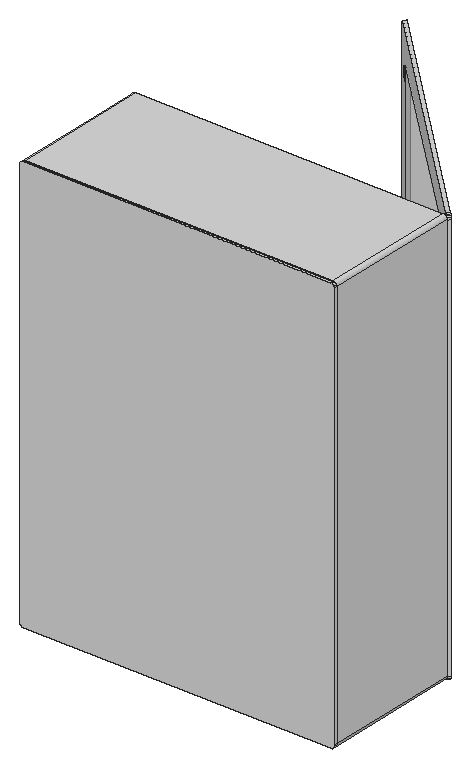
Revit family "Building-SurfaceMountingEnclosures-GEWISS-46QM-DISTRIBUTION-BOARD-METAL_TRANSPARENT_DOOR", category Attrezzatura elettrica, host Muro, Revit 2016
Family settings
  Host = Muro
  Configurazione quadro = Due colonne, circuiti in orizzontale
  Tipo di parte = Pannello comandi
  Quota connettore circolare = Usa diametro
  Numero OmniClass = 23.80.30.11.17
  Titolo OmniClass = Distribution Boards and Control Panels
  Sempre verticale = Sì
  Taglio con vuoti quando caricato = No
  Condiviso = No
  Punto di calcolo locali = Sì
Parameters (values of type "GW46237 - WT. METAL BOARD  800X1060X350 WIND. DOOR")
  Vista di pianta [instance] = yes
  Version file RFA = "18.0"
  URL = "https://www.gewiss.com/ww/en"
  Type of material = "Metal"
  Type of door = "Door with tempered glass window"
  Technical sheet = "https://www.gewiss.com/ww/en/search?q=GW46237"
  Struttura quadro = GEWISS - LAMIERA
  Standard. = "EN 61439-1, EN 61439-2, EN62208, EN 60670-1, IEC 60670-24"
  Standard = "EN 61439-1, EN 61439-2, EN62208, EN 60670-1, IEC 60670-24"
  Sportello visibile [instance] = yes
  Spessore quadro = 350 mm
  Simbolo [instance] = yes
  Shock resistance = "IK08"
  SEO = "Board"
  Realized by GEWISS S.p.A. = ""
  Rated impulse withstand voltage = "690V"
  Produttore = "GEWISS S.p.A."
  Potenza quadro = 0 V
  Porta = GEWISS - Pannello oblo metallo : 2 FORI
  Pannello trasparente = GEWISS COPERCHIO TRASPARENTE
  Pannello = GEWISS - LAMIERA
  Operating temperature = "-25 +60 °C"
  Offset etichetta nome quadro [instance] = 685.076 mm
  Nominal dim. LxHxD (mm) = "800x1060x350"
  No. of modules EN 50022: = "180 (36x5)"
  No. of modules EN 50022 = "180 (36x5)"
  No. locks = "2"
  Modello = "GW46237"
  Maximum rated insulation voltage (Ue) = "690V"
  Material = "Sheet metal from 10/10 to 15/10, painted with epoxy-polyester powders"
  Maniglia visibile [instance] = yes
  Maniglia = GEWISS - NERO
  Larghezza quadro = 800 mm
  Insulation class = "Pre-arranged with earth terminal"
  Immagine tipo = GW46232.jpg
  IP degree = "IP55"
  IFC.TypeObject = ""
  IFC.ExportType = ""
  IFC.ExportAs = ""
  IDT = "82cfba8f-4f92-4297-867a-ee6e02d53461"
  IDF = "9e673eeb-053e-4d6e-b00e-63be82e94e1c"
  H_quadro = 1060 mm
  H_da terra = 500 mm
  GW - NOME QUADRO [instance] = "NOME QUADRO"
  GEWISS SCHEDA TECNICA = "http://pro.gewiss.com/irj/portal/?NavigationTarget=pcd:portal_content/com.gewiss.ZPPFDMain/com.gewiss.ZPPFDITMain/com.gewiss.ZPPFDITMainDefault/com.gewiss.ZPPFDITPages/com.gewiss.ZPPFDITPagesAP/com.gewiss.ZPPFDITPagesAPCatalogo/com.gewiss.ZPPPDITAPProductDetail&codProd=GW46237"
  Functional dim. LxHxD (mm) = "800x1060x350"
  Fast & Easy = "Yes"
  Family = "46 QM"
  Etichetta nome quadro [instance] = yes
  Electrocod = "0320"
  EAN code = "8011564096936"
  Distanza_fori = 100 mm
  Distanza orizzontale del simbolo [instance] = 887.355 mm
  Distanza dal muro [instance] = 4.208 mm
  Dispersible power B (W) = "284"
  Dispersible power A (W) = "400"
  Descrizione = "WT. METAL BOARD  800X1060X350 WIND. DOOR"
  Cornice simbolo [instance] = yes
  Colour = "Grey RAL 7035"
  Classificazione carico = Other
  Catalogue Range = "46 QM"
  Catalogue = "BUILDING"
  Carico Apparente = 0 VA
  COBie.Tagnumber = ""
  COBie.CreatedOn = ""
  COBie.CreatebBy = ""
  COBie.ComponentRegisterItemID = ""
  COBie.Component.TagNumber = ""
  COBie.Component.Space = ""
  COBie.Component.SerialNumber = ""
  COBie.Component.InstallationDate = ""
  COBie.Component.Description = ""
  COBie.Component.BarCode = ""
  Bidimensionale = 2D - QUADRI STAGNI METALLO OBLO : 2 fori
  Application = "For indoor use"
  Apertura quadro [instance] = 45.00°
  Angolo di apertura reale [instance] = if(Apertura quadro < 0.00°, 0.00°, if(Apertura quadro > 180.00°, 180.00°, Apertura quadro))  # 45.00°
Types (6, lengths in mm): name | Technical sheet | Spessore quadro | Nominal dim. LxHxD (mm) | No. of modules EN 50022: | No. of modules EN 50022 | Modello | Larghezza quadro | IDT | H_quadro | GEWISS SCHEDA TECNICA | Functional dim. LxHxD (mm) | EAN code | Dispersible power B (W) | Dispersible power A (W) | Descrizione
  GW46232 - WT. METAL BOARD  310X425X160 WIND. DOOR | "https://www.gewiss.com/ww/en/search?q=GW46232" | 160 | "310x425x160" | "36 (12x3)" | "36 (12x3)" | "GW46232" | 313 | "f901a313-ab34-42a9-9e9c-859e89f5595d" | 424 | "http://pro.gewiss.com/irj/portal/?NavigationTarget=pcd:portal_content/com.gewiss.ZPPFDMain/com.gewiss.ZPPFDITMain/com.gewiss.ZPPFDITMainDefault/com.gewiss.ZPPFDITPages/com.gewiss.ZPPFDITPagesAP/com.gewiss.ZPPFDITPagesAPCatalogo/com.gewiss.ZPPPDITAPProductDetail&codProd=GW46232" | "310x425x160" | "8011564096882" | "58" | "70" | "WT. METAL BOARD  310X425X160 WIND. DOOR"
  GW46233 - WT. METAL BOARD  405X500X200 WIND. DOOR | "https://www.gewiss.com/ww/en/search?q=GW46233" | 200 | "405x500x200" | "54 (18x3)" | "54 (18x3)" | "GW46233" | 405 | "bc634fe8-07d9-43b4-bb6f-cd6e7658acd8" | 500 | "http://pro.gewiss.com/irj/portal/?NavigationTarget=pcd:portal_content/com.gewiss.ZPPFDMain/com.gewiss.ZPPFDITMain/com.gewiss.ZPPFDITMainDefault/com.gewiss.ZPPFDITPages/com.gewiss.ZPPFDITPagesAP/com.gewiss.ZPPFDITPagesAPCatalogo/com.gewiss.ZPPPDITAPProductDetail&codProd=GW46233" | "405x500x200" | "8011564096899" | "80" | "106" | "WT. METAL BOARD  405X500X200 WIND. DOOR"
  GW46234 - WT. METAL BOARD  405X650X200 WIND. DOOR | "https://www.gewiss.com/ww/en/search?q=GW46234" | 200 | "405x650x200" | "72 (18x4)" | "72 (18x4)" | "GW46234" | 405 | "637650c1-3469-492a-8063-965a9a9c19cd" | 650 | "http://pro.gewiss.com/irj/portal/?NavigationTarget=pcd:portal_content/com.gewiss.ZPPFDMain/com.gewiss.ZPPFDITMain/com.gewiss.ZPPFDITMainDefault/com.gewiss.ZPPFDITPages/com.gewiss.ZPPFDITPagesAP/com.gewiss.ZPPFDITPagesAPCatalogo/com.gewiss.ZPPPDITAPProductDetail&codProd=GW46234" | "405x650x200" | "8011564096905" | "97" | "135" | "WT. METAL BOARD  405X650X200 WIND. DOOR"
  GW46235 - WT. METAL BOARD  515X650X250 WIND. DOOR | "https://www.gewiss.com/ww/en/search?q=GW46235" | 250 | "515x650x250" | "96 (24x4)" | "96 (24x4)" | "GW46235" | 515 | "a0f4b47d-0c70-408a-9c1b-c9ac804185b3" | 650 | "http://pro.gewiss.com/irj/portal/?NavigationTarget=pcd:portal_content/com.gewiss.ZPPFDMain/com.gewiss.ZPPFDITMain/com.gewiss.ZPPFDITMainDefault/com.gewiss.ZPPFDITPages/com.gewiss.ZPPFDITPagesAP/com.gewiss.ZPPFDITPagesAPCatalogo/com.gewiss.ZPPPDITAPProductDetail&codProd=GW46235" | "515x650x250" | "8011564096912" | "115" | "180" | "WT. METAL BOARD  515X650X250 WIND. DOOR"
  GW46236 - WT. METAL BOARD  585X800X300 WIND. DOOR | "https://www.gewiss.com/ww/en/search?q=GW46236" | 300 | "585x800x300" | "140 (28x5)" | "140 (28x5)" | "GW46236" | 585 | "0ced46e3-2309-44bf-b4a9-33ea1b3132df" | 800 | "http://pro.gewiss.com/irj/portal/?NavigationTarget=pcd:portal_content/com.gewiss.ZPPFDMain/com.gewiss.ZPPFDITMain/com.gewiss.ZPPFDITMainDefault/com.gewiss.ZPPFDITPages/com.gewiss.ZPPFDITPagesAP/com.gewiss.ZPPFDITPagesAPCatalogo/com.gewiss.ZPPPDITAPProductDetail&codProd=GW46236" | "585x800x300" | "8011564096929" | "159" | "240" | "WT. METAL BOARD  585X800X300 WIND. DOOR"
  GW46237 - WT. METAL BOARD  800X1060X350 WIND. DOOR | "https://www.gewiss.com/ww/en/search?q=GW46237" | 350 | "800x1060x350" | "180 (36x5)" | "180 (36x5)" | "GW46237" | 800 | "82cfba8f-4f92-4297-867a-ee6e02d53461" | 1060 | "http://pro.gewiss.com/irj/portal/?NavigationTarget=pcd:portal_content/com.gewiss.ZPPFDMain/com.gewiss.ZPPFDITMain/com.gewiss.ZPPFDITMainDefault/com.gewiss.ZPPFDITPages/com.gewiss.ZPPFDITPagesAP/com.gewiss.ZPPFDITPagesAPCatalogo/com.gewiss.ZPPPDITAPProductDetail&codProd=GW46237" | "800x1060x350" | "8011564096936" | "284" | "400" | "WT. METAL BOARD  800X1060X350 WIND. DOOR"
Reference planes
  plane 1 "Muro": y = 0
  plane 2 "Centro (Sinistra/Destra)": x = 125
  plane 3 "Indietro": y = 75
  plane 4 "SX": x = -275
  plane 5 "DX": x = 525
  plane 6: y = 431
  plane 7 "Base quadro": z = 500
  plane 8: z = 1560
  plane 9: y = 81
  plane 10: z = 1030
  plane 11: x = -1162.355
  plane 12: y = 760.076
Forms (mm)
  Extrusion 1, solid, material "GEWISS - LAMIERA" <- "Struttura quadro"
    sketch origin (0, 0, 0) x (1, 0, 0) y (0, 0, 1)
      loop
        line (515.613, 1560) -> (-265.613, 1560)
        arc (-265.613, 1560) -> (-272.251, 1557.251) -> (-275, 1550.613) r 9.387
        line (-275, 1550.613) -> (-275, 509.387)
        arc (-275, 509.387) -> (-272.251, 502.749) -> (-265.613, 500) r 9.387
        line (-265.613, 500) -> (515.613, 500)
        arc (515.613, 500) -> (522.251, 502.749) -> (525, 509.387) r 9.387
        line (525, 509.387) -> (525, 1550.613)
        arc (525, 1550.613) -> (522.251, 1557.251) -> (515.613, 1560) r 9.387
      loop
        line (499.613, 1540) -> (-249.613, 1540)
        arc (-249.613, 1540) -> (-253.422, 1538.422) -> (-255, 1534.613) r 5.387
        line (-255, 1534.613) -> (-255, 525.387)
        arc (-255, 525.387) -> (-253.422, 521.578) -> (-249.613, 520) r 5.387
        line (-249.613, 520) -> (499.613, 520)
        arc (499.613, 520) -> (503.422, 521.578) -> (505, 525.387) r 5.387
        line (505, 525.387) -> (505, 1534.613)
        arc (505, 1534.613) -> (503.422, 1538.422) -> (499.613, 1540) r 5.387
    from -431 to -81
  Extrusion 2, solid, material "GEWISS - LAMIERA" <- "Pannello"
    sketch origin (0, 0, 0) x (1, 0, 0) y (0, 0, 1)
      loop
        arc (-265.613, 1560) -> (-272.251, 1557.251) -> (-275, 1550.613) r 9.387
        line (-275, 1550.613) -> (-275, 509.387)
        arc (-275, 509.387) -> (-272.251, 502.749) -> (-265.613, 500) r 9.387
        line (-265.613, 500) -> (515.613, 500)
        arc (515.613, 500) -> (522.251, 502.749) -> (525, 509.387) r 9.387
        line (525, 509.387) -> (525, 1550.613)
        arc (525, 1550.613) -> (522.251, 1557.251) -> (515.613, 1560) r 9.387
        line (515.613, 1560) -> (-265.613, 1560)
    from -81 to -75
Lines and regions (mm)
  Masking region 1, visible <- "Vista di pianta"
    outline origin (-33, 241, 0) x (0.984808, 0.173648, 0) y (-0.173648, 0.984808, 0)
      loop
        line (520.697, -260.374) -> (582.516, 90.218) -> (-205.33, 229.136) -> (-267.149, -121.455) -> (520.697, -260.374)
  Masking region 2
    outline origin (125, 0, 0) x (0, 1, 0) y (0, 0, 1)
      loop
        line (75, 500) -> (431, 500) -> (431, 1560) -> (75, 1560) -> (75, 500)
  Masking region 3, visible <- "Vista di pianta"
    outline origin (-33, 241, 0) x (0.984808, 0.173648, 0) y (-0.173648, 0.984808, 0)
      loop
        line (123.655, 745.539) -> (582.516, 90.218) -> (589.069, 94.806) -> (130.208, 750.128) -> (123.655, 745.539)
  reference lines
    curve 1: line (525, 431, 0) -> (242.157, 713.843, 0)
Text (mm)
  text "Lato posizionamento" at (-2540.362, 1733.729, 0), in view "Livello rif."
  text "Lato posizionamento" at (0, 1409.804, 2854.306), in view "Sinistra"
  text "Lato posizionamento" at (0, 499.811, 2980.732), in view "Destra"
Dimensions and locks
  locked: plane 3 "Indietro" to host wall
  "H_da terra": level to plane 7 "Base quadro"
  "H_quadro": plane 7 "Base quadro" to plane 8
  locked: plane 9 to host wall at 6
  "Spessore quadro": plane 6 to plane 9
  equal spacing: plane 7 "Base quadro", plane 10, plane 8
  "Larghezza quadro": plane 4 "SX" to plane 5 "DX"
  "Distanza orizzontale del simbolo": plane 11 to plane 4 "SX"
  "Offset etichetta nome quadro": plane 12 to plane 3 "Indietro"
  equal spacing: plane 4 "SX", plane 2 "Centro (Sinistra/Destra)", plane 5 "DX"
  locked: Extrusion 1 sketch curve to Extrusion 1 sketch curve at 20  (x4)
  "Apertura quadro": angle curve 1 to plane 6
  aligned and locked: plane 1 "Muro" to host wall
  aligned and locked: plane 8 to Extrusion 1 sketch curve
  aligned and locked: plane 5 "DX" to Extrusion 1 sketch curve
  aligned and locked: Extrusion 1 sketch curve to plane 7 "Base quadro"
  aligned and locked: Extrusion 1 sketch curve to plane 4 "SX"
  aligned and locked: plane 6 to Extrusion 1
  aligned and locked: Extrusion 1 to plane 9
  aligned and locked: plane 9 to Extrusion 2
  aligned and locked: Extrusion 2 to host wall
  aligned and locked: nested 2 to plane 12
  aligned and locked: plane 11 to nested 3
  aligned and locked: Masking region 1 sketch curve to plane 6
  aligned and locked: Masking region 1 sketch curve to plane 3 "Indietro"
  aligned and locked: Masking region 1 sketch curve to plane 5 "DX"
  aligned and locked: plane 4 "SX" to Masking region 1 sketch curve
  aligned and locked: Masking region 2 sketch curve to Extrusion 2
  aligned and locked: Masking region 2 sketch curve to Extrusion 1  (x2)
  aligned and locked: nested 4 to plane 10
  aligned and locked: plane 5 "DX" to nested 4
  aligned and locked: plane 7 "Base quadro" to nested 1
  aligned and locked: plane 6 to Masking region 1  (x2)
  aligned and locked: Extrusion 2 sketch curve to Extrusion 1  (x4)
  aligned and locked: plane 2 "Centro (Sinistra/Destra)" to nested 2
  aligned and locked: plane 5 "DX" to curve 1
  aligned and locked: nested 1 to curve 1
  aligned and locked: Masking region 3 sketch curve to nested 1  (x4)
Automatic sketch dimensions
  Extrusion 1 sketch curve to Extrusion 1 sketch curve = 16 mm  (x4)
  Extrusion 1 sketch curve to Extrusion 1 sketch curve = 5.387 mm  (x3)
  Extrusion 1 sketch curve to Extrusion 1 sketch curve = 10.613 mm
  Extrusion 2 sketch curve to Extrusion 2 sketch curve = 9.387 mm  (x2)
  Extrusion 2 sketch curve to plane 5 "DX" = 9.387 mm  (x2)
  Masking region 2 sketch curve to plane 7 "Base quadro" = 0 mm
  curve 1 to plane 6 = 0 mm
Nested families
  nested 1: "GEWISS - Pannello oblo metallo" at (242.157, 713.843, 104) x (0.7071, -0.7071, 0) z (0, 0, 1), visible <- "Sportello visibile", H_pannello <- "H_quadro", Larghezza pannello <- "Larghezza quadro", type <- "Porta", type "2 FORI"
    with Larghezza pannello 800 mm, H_pannello 1060 mm
  nested 2: "NOME QUADRO" at (125, 760.076, 0), TXT <- "GW - NOME QUADRO", visible <- "Etichetta nome quadro", type "NOME QUADRO"
    with TXT "NOME QUADRO"
  nested 3: "QUADRILAN" at (-1162.355, 75, 0), Distanza dal muro <- "Distanza dal muro", BORDO ACCESO <- "Cornice simbolo", SIMBOLO ACCESO <- "Simbolo", type "QUADRILAN"
    with SIMBOLO ACCESO yes, Distanza dal muro 4.208 mm, BORDO ACCESO yes
  nested 4: "2D - QUADRI STAGNI METALLO OBLO" at (125, 0, 1030) x (-1, 0, 0) z (0, -1, 0), Altezza <- "H_quadro", Larghezza <- "Larghezza quadro", type <- "Bidimensionale", type "2 fori"
    with Larghezza 800 mm, Altezza 1060 mm
Connectors
  electrical at (125, 256, 1560), driven by "Carico Apparente", driven by "Classificazione carico", driven by "Potenza quadro"
    settings: on Extrusion 1, index 1, voltage 0 V, apparent load 0 VA, apparent load phase1 0 VA, apparent load phase2 0 VA, apparent load phase3 0 VA, power factor 1, load classification "Other", number of poles 1, system type 31, power factor state 1, is connector primary yes, connector utility no, sub classification motor no, connector description ""
Definition of nested family "GEWISS - Pannello oblo metallo"
  Parameters (values of type "1 FORO")
    Default Elevation = 1219.2 mm
    Pannello trasparente = none
    Pannello = none
    Maniglia = none
    Larghezza pannello [instance] = 316 mm
    H_pannello [instance] = 396 mm
    H_da terra = 396 mm
    2 FORI = no
    1 FORO = yes
  Types (2, lengths in mm): name | 2 FORI | 1 FORO
    1 FORO | no | yes
    2 FORI | yes | no
  Reference planes
    plane 1 "Centro (Fronte/Retro)": y = 0
    plane 2: z = 0
    plane 3 "Centro (Sinistra/Destra)": x = 0
    plane 4: x = -158
    plane 5: x = 158
    plane 6: y = 8
    plane 7: z = 792
    plane 8: z = 396
    plane 9: z = 594
    plane 10: x = -115.8
    plane 11: z = 691.5
    plane 12: z = 508.2
    plane 13: x = 87
    plane 14: x = -87
    plane 15: z = 721
    plane 16: z = 467
  Forms (mm)
    Extrusion 1, solid, material <- "Pannello", visible <- "1 FORO"
      sketch origin (0, 0, 0) x (1, 0, 0) y (0, 0, 1)
        loop
          line (-148.613, 792) -> (-152.972, 790.92) -> (-155.581, 788.905) -> (-157.569, 785.491) -> (-158, 781.674) -> (-158, 406.326) -> (-157.277, 401.774) -> (-155.331, 398.831) -> (-152.312, 396.76) -> (-148.613, 396) -> (148.613, 396) -> (152.205, 396.714) -> (155.251, 398.749) -> (157.335, 401.918) -> (158, 406.326) -> (158, 781.674) -> (157.678, 785.136) -> (155.581, 788.905) -> (152.77, 791.023) -> (148.613, 792) -> (-148.613, 792)
        loop
          line (-87, 721) -> (-87, 467) -> (87, 467) -> (87, 721) -> (-87, 721)
        loop
          circle (-115.8, 594) r 14.644
      from -8 to 0
    Extrusion 2, solid, material <- "Maniglia", visible <- "1 FORO"
      sketch origin (0, 0, 0) x (1, 0, 0) y (0, 0, 1)
        loop
          circle (-115.8, 594) r 14.644
      from -8 to 0
    Extrusion 3, solid, material <- "Pannello", visible <- "2 FORI"
      sketch origin (0, 0, 0) x (1, 0, 0) y (0, 0, 1)
        loop
          line (-148.613, 792) -> (-152.972, 790.92) -> (-155.581, 788.905) -> (-157.569, 785.491) -> (-158, 781.674) -> (-158, 406.326) -> (-157.277, 401.774) -> (-155.331, 398.831) -> (-152.312, 396.76) -> (-148.613, 396) -> (148.613, 396) -> (152.205, 396.714) -> (155.251, 398.749) -> (157.335, 401.918) -> (158, 406.326) -> (158, 781.674) -> (157.678, 785.136) -> (155.581, 788.905) -> (152.77, 791.023) -> (148.613, 792) -> (-148.613, 792)
        loop
          line (-87, 467) -> (87, 467) -> (87, 721) -> (-87, 721) -> (-87, 467)
        loop
          circle (-115.8, 691.5) r 14.644
        loop
          circle (-115.8, 508.2) r 14.644
      from -8 to 0
    Extrusion 4, solid, material <- "Maniglia", visible <- "2 FORI"
      sketch origin (0, 0, 0) x (1, 0, 0) y (0, 0, 1)
        loop
          circle (-115.8, 691.5) r 14.644
        loop
          circle (-115.8, 508.2) r 14.644
      from -8 to 0
    Extrusion 5, solid, material <- "Pannello trasparente", visible <- "2 FORI"
      sketch origin (0, 0, 0) x (1, 0, 0) y (0, 0, 1)
        loop
          line (-87, 721) -> (-87, 467) -> (87, 467) -> (87, 721) -> (-87, 721)
      from -8 to 0
    Extrusion 6, solid, material <- "Pannello trasparente", visible <- "1 FORO"
      sketch origin (0, 0, 0) x (1, 0, 0) y (0, 0, 1)
        loop
          line (-87, 721) -> (-87, 467) -> (87, 467) -> (87, 721) -> (-87, 721)
      from -8 to 0
  Dimensions and locks
    locked: plane 1 "Centro (Fronte/Retro)" to plane 6 at 8
    "H_pannello": plane 7 to plane 8
    "H_da terra": plane 8 to plane 2
    "Larghezza pannello": plane 4 to plane 5
    equal spacing: plane 5, plane 3 "Centro (Sinistra/Destra)", plane 4
    equal spacing: plane 7, plane 9, plane 8
    locked: plane 7 to plane 11 at 100.5
    locked: plane 12 to plane 8 at 112.2
    locked: plane 10 to plane 4 at 42.2
    locked: plane 16 to plane 8 at 71
    locked: plane 7 to plane 15 at 71
    locked: plane 14 to plane 4 at 71
    locked: plane 5 to plane 13 at 71
    aligned and locked: level to plane 2
    aligned and locked: plane 6 to Extrusion 1
    aligned and locked: plane 1 "Centro (Fronte/Retro)" to Extrusion 1
    aligned and locked: plane 6 to Extrusion 2
    aligned and locked: plane 1 "Centro (Fronte/Retro)" to Extrusion 2
    aligned and locked: plane 6 to Extrusion 6
    aligned and locked: plane 1 "Centro (Fronte/Retro)" to Extrusion 6
    aligned and locked: plane 6 to Extrusion 5
    aligned and locked: plane 1 "Centro (Fronte/Retro)" to Extrusion 5
    aligned and locked: Extrusion 6 sketch curve to Extrusion 3  (x4)
    aligned and locked: Extrusion 5 sketch curve to Extrusion 3  (x4)
    aligned and locked: Extrusion 1 sketch curve to Extrusion 3  (x4)
    aligned and locked: plane 13 to Extrusion 6  (x8)
    aligned and locked: plane 13 to Extrusion 5
    aligned and locked: Extrusion 3 to plane 13
    aligned and locked: Extrusion 1 to plane 13
    aligned and locked: plane 14 to Extrusion 6
    aligned and locked: plane 15 to Extrusion 6
    aligned and locked: plane 16 to Extrusion 6
  Automatic sketch dimensions
    Extrusion 4 sketch curve to plane 10 = 0 mm  (x2)
    Extrusion 4 sketch curve to plane 12 = 0 mm
    Extrusion 4 sketch curve to plane 11 = 0 mm
    Extrusion 3 sketch curve to plane 4 = 0 mm
    Extrusion 3 sketch curve to plane 8 = 0 mm
    Extrusion 3 sketch curve to plane 7 = 0 mm
    Extrusion 3 sketch curve to plane 5 = 0 mm
    plane 4 to Extrusion 3 sketch curve = 0.431 mm
    plane 4 to Extrusion 3 sketch curve = 0.723 mm
    plane 4 to Extrusion 3 sketch curve = 2.419 mm
    plane 4 to Extrusion 3 sketch curve = 2.669 mm
    Extrusion 3 sketch curve to plane 7 = 1.08 mm
    Extrusion 3 sketch curve to Extrusion 3 sketch curve = 2.609 mm
    plane 8 to Extrusion 3 sketch curve = 0.76 mm
    Extrusion 3 sketch curve to Extrusion 3 sketch curve = 3.019 mm
    Extrusion 3 sketch curve to Extrusion 3 sketch curve = 3.699 mm
    Extrusion 3 sketch curve to Extrusion 3 sketch curve = 4.359 mm
    Extrusion 3 sketch curve to plane 5 = 9.387 mm  (x2)
    plane 8 to Extrusion 3 sketch curve = 0.714 mm
    Extrusion 3 sketch curve to Extrusion 3 sketch curve = 3.592 mm
    Extrusion 3 sketch curve to plane 7 = 0.977 mm
    Extrusion 3 sketch curve to Extrusion 3 sketch curve = 4.157 mm
    Extrusion 3 sketch curve to plane 5 = 2.749 mm
    Extrusion 3 sketch curve to plane 5 = 2.419 mm
    Extrusion 3 sketch curve to plane 5 = 0.665 mm
    Extrusion 3 sketch curve to plane 5 = 0.322 mm
    plane 8 to Extrusion 3 sketch curve = 2.749 mm
    plane 8 to Extrusion 3 sketch curve = 2.831 mm
    Extrusion 3 sketch curve to Extrusion 3 sketch curve = 2.944 mm
    Extrusion 3 sketch curve to Extrusion 3 sketch curve = 3.168 mm
    Extrusion 3 sketch curve to Extrusion 3 sketch curve = 4.408 mm
    Extrusion 3 sketch curve to Extrusion 3 sketch curve = 4.552 mm
    Extrusion 3 sketch curve to plane 7 = 10.326 mm  (x2)
    Extrusion 3 sketch curve to Extrusion 3 sketch curve = 3.462 mm
    Extrusion 3 sketch curve to Extrusion 3 sketch curve = 3.817 mm
    Extrusion 3 sketch curve to plane 7 = 3.095 mm  (x2)
    Extrusion 2 sketch curve to plane 9 = 0 mm
    Extrusion 2 sketch curve to plane 10 = 0 mm
    plane 10 to Extrusion 3 sketch curve = 28.8 mm
    Extrusion 3 sketch curve to Extrusion 3 sketch curve = 61.613 mm
    plane 12 to Extrusion 3 sketch curve = 41.2 mm
    plane 11 to Extrusion 3 sketch curve = 29.5 mm
    Extrusion 1 sketch curve to plane 4 = 0 mm
    Extrusion 1 sketch curve to plane 7 = 0 mm
    Extrusion 1 sketch curve to plane 8 = 0 mm
    Extrusion 1 sketch curve to plane 5 = 0 mm
    plane 4 to Extrusion 1 sketch curve = 0.431 mm
    plane 4 to Extrusion 1 sketch curve = 0.723 mm
    plane 4 to Extrusion 1 sketch curve = 2.419 mm
    plane 4 to Extrusion 1 sketch curve = 2.669 mm
    Extrusion 1 sketch curve to plane 7 = 1.08 mm
    Extrusion 1 sketch curve to Extrusion 1 sketch curve = 2.609 mm
    plane 8 to Extrusion 1 sketch curve = 0.76 mm
    Extrusion 1 sketch curve to Extrusion 1 sketch curve = 3.019 mm
    Extrusion 1 sketch curve to Extrusion 1 sketch curve = 4.359 mm
    Extrusion 1 sketch curve to Extrusion 1 sketch curve = 3.699 mm
    Extrusion 1 sketch curve to plane 5 = 9.387 mm  (x2)
    plane 8 to Extrusion 1 sketch curve = 0.714 mm
    Extrusion 1 sketch curve to Extrusion 1 sketch curve = 3.592 mm
    Extrusion 1 sketch curve to plane 7 = 0.977 mm
    Extrusion 1 sketch curve to Extrusion 1 sketch curve = 4.157 mm
    Extrusion 1 sketch curve to plane 5 = 2.749 mm
    Extrusion 1 sketch curve to plane 5 = 2.419 mm
    Extrusion 1 sketch curve to plane 5 = 0.665 mm
    Extrusion 1 sketch curve to plane 5 = 0.322 mm
    plane 8 to Extrusion 1 sketch curve = 2.749 mm
    plane 8 to Extrusion 1 sketch curve = 2.831 mm
    Extrusion 1 sketch curve to Extrusion 1 sketch curve = 2.944 mm
    Extrusion 1 sketch curve to Extrusion 1 sketch curve = 3.168 mm
    Extrusion 1 sketch curve to Extrusion 1 sketch curve = 4.552 mm
    Extrusion 1 sketch curve to Extrusion 1 sketch curve = 4.408 mm
    Extrusion 1 sketch curve to plane 7 = 10.326 mm  (x2)
    Extrusion 1 sketch curve to Extrusion 1 sketch curve = 3.462 mm
    Extrusion 1 sketch curve to Extrusion 1 sketch curve = 3.817 mm
    Extrusion 1 sketch curve to plane 7 = 3.095 mm  (x2)
    Extrusion 3 sketch curve to plane 11 = 0 mm
    Extrusion 3 sketch curve to plane 10 = 0 mm  (x2)
    Extrusion 3 sketch curve to Extrusion 3 sketch curve = 14.644 mm  (x2)
    Extrusion 3 sketch curve to Extrusion 3 sketch curve = 0 mm  (x2)
    Extrusion 3 sketch curve to plane 12 = 0 mm
    Extrusion 1 sketch curve to Extrusion 1 sketch curve = 0 mm  (x2)
    Extrusion 1 sketch curve to plane 9 = 0 mm
    Extrusion 1 sketch curve to plane 10 = 0 mm
    Extrusion 1 sketch curve to Extrusion 1 sketch curve = 14.644 mm
    radius of Extrusion 4 sketch curve = 14.644 mm  (x2)
    radius of Extrusion 2 sketch curve = 14.644 mm
Definition of nested family "NOME QUADRO"
  Parameters (values of type "NOME QUADRO")
    TXT [instance] = ""
  Reference planes
    plane 1: y = 0
    plane 2: x = 0
  Text (mm)
    label "NOME QUADRO" at (0.217, 0.029, 0), shows "TXT"
Definition of nested family "QUADRILAN"
  Parameters (values of type "QUADRILAN")
    SIMBOLO ACCESO [instance] = yes
    Distanza dal muro [instance] = 4.208 mm
    BORDO ACCESO [instance] = yes
  Reference planes
    plane 1: y = 0
    plane 2: x = 0
  Dimensions and locks
    "Distanza dal muro": plane 1 to nested 1
    aligned and locked: plane 2 to nested 1
  Nested families
    nested 1: "QUADRILAN_BASE" at (0, 4.208, 0), BORDO ACCESO <- "BORDO ACCESO", visible <- "SIMBOLO ACCESO", type "QUADRILAN"
      with BORDO ACCESO yes
  Definition of nested family "QUADRILAN_BASE"
    Parameters (values of type "QUADRILAN")
      Distanza dal muro = 4.208 mm
      BORDO ACCESO [instance] = yes
    Reference planes
      plane 1: y = 0
      plane 2: x = 0
    Lines and regions (mm)
      detail lines, visible <- "BORDO ACCESO"
        curve 1: line (-2, 2.5, 0) -> (2, 2.5, 0)
        curve 2: line (2, 2.5, 0) -> (2, 0, 0)
        curve 3: line (2, 0, 0) -> (-2, 0, 0)
        curve 4: line (-2, 0, 0) -> (-2, 2.5, 0)
        curve 5: line (-1.9, 2.4, 0) -> (1.9, 2.4, 0)
        curve 6: line (1.9, 2.4, 0) -> (1.9, 0.1, 0)
        curve 7: line (1.9, 0.1, 0) -> (-1.9, 0.1, 0)
        curve 8: line (-1.9, 0.1, 0) -> (-1.9, 2.4, 0)
      detail lines, visible <- "BORDO ACCESO", not visible
        curve 9: line (-2.443, 10.208, 0) -> (2.057, 10.208, 0)
        curve 10: line (2.057, 10.208, 0) -> (2.057, 4.208, 0)
        curve 11: line (2.057, 4.208, 0) -> (-2.443, 4.208, 0)
        curve 12: line (-2.443, 4.208, 0) -> (-2.443, 10.208, 0)
        curve 13: line (-2.043, 9.808, 0) -> (1.657, 9.808, 0)
        curve 14: line (1.657, 9.808, 0) -> (1.657, 4.608, 0)
        curve 15: line (1.657, 4.608, 0) -> (-2.043, 4.608, 0)
        curve 16: line (-2.043, 4.608, 0) -> (-2.043, 9.808, 0)
      detail lines
        curve 17: line (1.731, 0.358, 0) -> (-1.731, 2.088, 0)
        curve 18: line (-1.731, 2.088, 0) -> (-0.201, 2.088, 0)
        curve 19: line (-0.201, 2.088, 0) -> (1.731, 2.088, 0)
        curve 20: line (1.731, 2.088, 0) -> (1.731, 0.358, 0)
        curve 21: line (1.731, 0.358, 0) -> (-1.731, 0.358, 0)
        curve 22: line (-1.731, 0.358, 0) -> (-1.731, 2.088, 0)
    Dimensions and locks
      aligned and locked: curve 3 to plane 1
Definition of nested family "2D - QUADRI STAGNI METALLO OBLO"
  Parameters (values of type "2 fori")
    Larghezza [instance] = 396 mm
    Altezza [instance] = 474 mm
    2 fori = yes
  Reference planes
    plane 1 "Centro (Fronte/Retro)": y = 0
    plane 2: z = 0
    plane 3 "Centro (Sinistra/Destra)": x = 0
    plane 4: x = -198
    plane 5: x = 198
    plane 6: y = 237
    plane 7: y = -237
    plane 8: x = -127
    plane 9: x = 127
    plane 10: y = 166
    plane 11: y = -166
  Lines and regions (mm)
    model lines, in view "Livello rif.", visible <- "2 fori", detail levels medium+fine
      curve 1: circle (155.757, -136.483, 0) r 14.644 normal (0, 0, 1)
      curve 2: circle (155.757, -136.483, 0) r 11.828 normal (0, 0, 1)
      curve 3: circle (155.757, -136.483, 0) r 7.04 normal (0, 0, 1)
      curve 4: circle (155.757, 124.834, 0) r 11.828 normal (0, 0, 1)
      curve 5: circle (155.757, 124.834, 0) r 14.644 normal (0, 0, 1)
      curve 6: circle (155.757, 124.834, 0) r 7.04 normal (0, 0, 1)
    model lines, in view "Livello rif."
      curve 7: line (-188.613, -237, 0) -> (-192.172, -236.299, 0)
      curve 8: line (-192.172, -236.299, 0) -> (-195.251, -234.251, 0)
      curve 9: line (-195.251, -234.251, 0) -> (-197.445, -230.793, 0)
      curve 10: line (-197.445, -230.793, 0) -> (-198, -227.613, 0)
      curve 11: line (-198, -227.613, 0) -> (-198, 226.674, 0)
      curve 13: line (198, 226.674, 0) -> (198, -227.613, 0)
      curve 14: line (198, -227.613, 0) -> (197.281, -231.215, 0)
      curve 15: line (197.281, -231.215, 0) -> (195.251, -234.251, 0)
      curve 16: line (195.251, -234.251, 0) -> (192.25, -236.267, 0)
      curve 17: line (192.25, -236.267, 0) -> (188.613, -237, 0)
      curve 18: line (188.613, -237, 0) -> (-188.613, -237, 0)
      curve 20: line (-198, 226.674, 0) -> (-198, 227.613, 0)
      curve 21: line (-198, 227.613, 0) -> (-197.339, 231.072, 0)
      curve 22: line (-197.339, 231.072, 0) -> (-195.362, 234.137, 0)
      curve 23: line (-195.362, 234.137, 0) -> (-192.869, 235.98, 0)
      curve 24: line (-192.869, 235.98, 0) -> (-188.613, 237, 0)
      curve 25: line (-188.613, 237, 0) -> (188.613, 237, 0)
      curve 26: line (188.613, 237, 0) -> (192.796, 236.016, 0)
      curve 27: line (192.796, 236.016, 0) -> (195.251, 234.251, 0)
      curve 28: line (195.251, 234.251, 0) -> (197.047, 231.734, 0)
      curve 29: line (197.047, 231.734, 0) -> (198, 227.613, 0)
      curve 30: line (198, 227.613, 0) -> (198, 226.674, 0)
    model lines, in view "Livello rif.", detail levels medium+fine
      curve 12: line (-198, 226.674, 0) -> (198, 226.674, 0)
      curve 19: line (198, -226.674, 0) -> (-198, -226.674, 0)
    detail lines, in view "Livello rif."
      curve 31: line (-110.671, 97.219, 0) -> (-42.545, 142.455, 0)
      curve 32: line (-74.172, 96.503, 0) -> (-46.885, 114.621, 0)
      curve 33: line (-66.299, 80.043, 0) -> (-21.486, 109.799, 0)
      curve 37: line (110.302, -108.902, 0) -> (42.176, -154.137, 0)
      curve 38: line (73.802, -108.186, 0) -> (46.516, -126.304, 0)
      curve 39: line (65.93, -91.725, 0) -> (21.116, -121.481, 0)
      curve 40: line (-127, -166, 0) -> (127, -166, 0)
      curve 41: line (-127, 166, 0) -> (-127, -166, 0)
      curve 42: line (127, 166, 0) -> (-127, 166, 0)
      curve 43: line (127, -166, 0) -> (127, 166, 0)
    detail lines, in view "Livello rif.", not visible
      curve 34: line (-174.471, 149.002, 0) -> (-106.345, 194.238, 0)
      curve 35: line (-137.971, 148.286, 0) -> (-110.685, 166.404, 0)
      curve 36: line (-130.099, 131.826, 0) -> (-85.285, 161.582, 0)
  Dimensions and locks
    equal spacing: plane 6, plane 1 "Centro (Fronte/Retro)", plane 7
    "Altezza": plane 6 to plane 7
    equal spacing: plane 4, plane 3 "Centro (Sinistra/Destra)", plane 5
    "Larghezza": plane 4 to plane 5
    locked: curve 6 to plane 5 at 42.243
    locked: plane 6 to curve 5 at 112.166
    locked: curve 1 to plane 7 at 100.517
    curve 2 to plane 5 = 42.243 mm
    locked: plane 6 to plane 10 at 71
    locked: plane 11 to plane 7 at 71
    locked: plane 4 to plane 8 at 71
    locked: plane 9 to plane 5 at 71
    locked: curve 39 to plane 11 at 44.519
    locked: curve 39 to plane 9 at 61.07
    locked: plane 10 to curve 31 at 23.545
    locked: plane 8 to curve 31 at 16.329
    aligned and locked: curve 25 to plane 6
    aligned and locked: plane 7 to curve 18
    aligned and locked: curve 13 to plane 5
    aligned and locked: plane 4 to curve 11
    aligned and locked: curve 40 to plane 11
    aligned and locked: curve 41 to plane 8
    aligned and locked: plane 10 to curve 42
    aligned and locked: curve 43 to plane 9
  Automatic sketch dimensions
    curve 1 to curve 2 = 0 mm  (x2)
    curve 1 to curve 3 = 0 mm  (x2)
    curve 4 to curve 5 = 0 mm  (x2)
    curve 4 to curve 6 = 0 mm  (x2)
    plane 4 to curve 10 = 0.555 mm
    plane 4 to curve 21 = 0.661 mm
    plane 4 to curve 23 = 2.638 mm
    plane 4 to curve 8 = 2.749 mm
    curve 23 to plane 6 = 1.02 mm
    curve 22 to curve 23 = 2.493 mm
    plane 7 to curve 8 = 0.701 mm
    curve 8 to curve 8 = 3.078 mm
    curve 23 to curve 24 = 4.256 mm
    curve 7 to curve 18 = 3.56 mm
    curve 26 to plane 5 = 9.387 mm
    curve 17 to plane 5 = 9.387 mm
    plane 7 to curve 16 = 0.733 mm
    curve 17 to curve 16 = 3.637 mm
    curve 27 to plane 6 = 0.984 mm
    curve 25 to curve 27 = 4.183 mm
    curve 27 to plane 5 = 2.749 mm
    curve 16 to plane 5 = 2.749 mm
    curve 29 to plane 5 = 0.953 mm
    curve 14 to plane 5 = 0.719 mm
    plane 7 to curve 15 = 2.749 mm
    plane 7 to curve 9 = 2.749 mm
    curve 15 to curve 14 = 3.036 mm
    curve 8 to curve 9 = 3.458 mm
    curve 9 to curve 11 = 3.18 mm
    curve 14 to curve 13 = 3.602 mm
    curve 12 to plane 6 = 10.326 mm
    curve 12 to curve 29 = 0.939 mm
    curve 11 to curve 21 = 0.939 mm
    curve 20 to curve 21 = 3.46 mm
    curve 29 to curve 28 = 4.121 mm
    curve 22 to plane 6 = 2.863 mm
    curve 27 to plane 6 = 2.749 mm
    curve 13 to curve 19 = 0.939 mm
    radius of curve 1 = 14.644 mm
    radius of curve 2 = 11.828 mm
    radius of curve 3 = 7.04 mm
    radius of curve 4 = 11.828 mm
    radius of curve 5 = 14.644 mm
    radius of curve 6 = 7.04 mm
